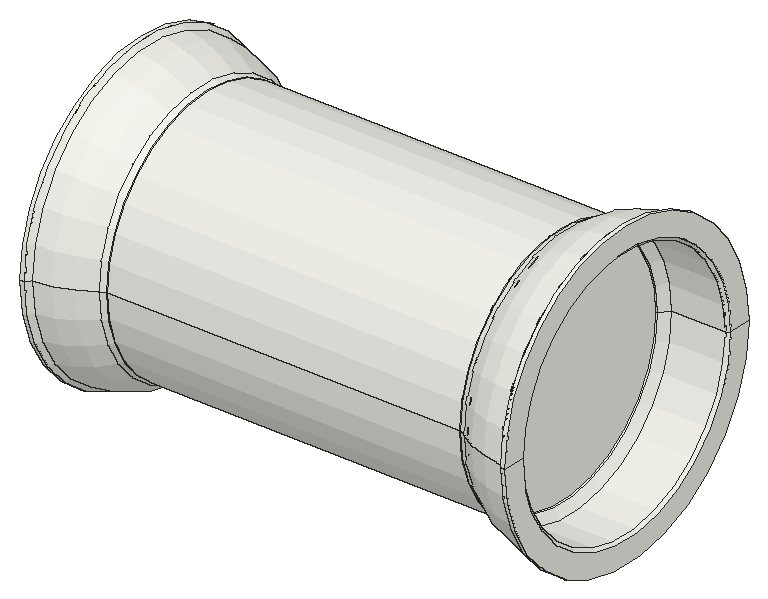
Revit family "FoFo_Luva_JGS", category Pipe Fittings, Revit 2025
Family settings
  Round Connector Dimension = Use Radius
  Part Type = Union
  OmniClass Number = 23.60.30.11.14
  OmniClass Title = Pipework Fittings
  Work Plane-Based = Yes
  Always vertical = No
  Cut with Voids When Loaded = No
  Shared = Yes
Parameters (values of type "TUPB_K7_0400")
  Manufacturer = "SGC"
  Loss Method = 1
  K Coefficient Table = "Tee"
  Junta_1_Tipo = FoFo_Junta_JGS : JGS_0400
  Description = "Luva"
  Default Elevation = 0.0 mm
  DN = "400"
  Corpo_L = 600.0 mm
  Corpo_RE1 = 0.5 * Corpo_DE  # 214.5 mm
  Corpo_DE = 429.0 mm
Reference planes
  plane 1 "EixoP": y = 0
  plane 2: z = 0
  plane 3 "EixoS": x = 468.25
  plane 4 "EE": x = 168.25
  plane 5 "ED": x = 768.25
Forms (mm)
  Sweep 1, solid, material "FOFO"
    path origin (0, 0, 0) x (1, 0, 0) y (0, 1, 0)
      loop
        line (168.25, 0) -> (768.25, 0)
    profile origin (468.25, 0, 0) x (0, 1, 0) y (0, 0, 1)
      loop
        circle (0, 0) r 214.5
Dimensions and locks
  "Corpo_L": plane 4 "EE" to plane 5 "ED"
  equal spacing: plane 4 "EE", plane 3 "EixoS", plane 5 "ED"
  "Corpo_RE1": radius of Sweep 1 sketch curve
  aligned and locked: Sweep 1 sketch curve to plane 1 "EixoP"
  aligned and locked: plane 5 "ED" to Sweep 1 sketch curve
  aligned and locked: plane 4 "EE" to Sweep 1 sketch curve
  aligned and locked: nested 1 to Sweep 1
  aligned and locked: nested 2 to Sweep 1
Automatic sketch dimensions
  Sweep 1 sketch curve to level = 0.0 mm
  Sweep 1 sketch curve to profile plane = 0.0 mm
Nested families
  nested 1: "FoFo_Junta_JGS" at (-1850, 0, 0), type <- "Junta_1_Tipo", type "JGS_0400"
  nested 2: "FoFo_Junta_JGS" at (2786.5, 0, 0) x (-1, 0, 0) z (0, 0, 1), type <- "Junta_1_Tipo", type "JGS_0400"
Connectors
  piping at (768.25, 0, 0), diameter 429, driven by "Corpo_RE1"
    settings: on Sweep 1, index 1, connector inside diameter 24", connector length 0.0 mm, flow factor 0, pipe flow 0 GPM, pressure drop 0.00 psi, fitting loss kfactor 0, connector angle 0.00°, fixture units 0, engagement length 0.0 mm, angle of deflection 0.00°, flow configuration 0, flow direction 0, fitting loss method 0, system type 7, joint type 0, gender type 0, connector reference index -1, connector utility 0, adjustable connector yes, is connector primary yes, connector description ""
  piping at (768.25, 0, 0), diameter 429
    settings: on Sweep 1, index 2, connector inside diameter 24", connector length 0.0 mm, flow factor 0, pipe flow 0 GPM, pressure drop 0.00 psi, fitting loss kfactor 0, connector angle 0.00°, fixture units 0, engagement length 0.0 mm, angle of deflection 0.00°, flow configuration 0, flow direction 0, fitting loss method 0, system type 7, joint type 0, gender type 0, connector reference index -1, connector utility 0, adjustable connector no, is connector primary no, connector description ""
  piping at (168.25, 0, 0), diameter 429, driven by "Corpo_RE1"
    settings: on Sweep 1, index 3, connector inside diameter 24", connector length 0.0 mm, flow factor 0, pipe flow 0 GPM, pressure drop 0.00 psi, fitting loss kfactor 0, connector angle 0.00°, fixture units 0, engagement length 0.0 mm, angle of deflection 0.00°, flow configuration 0, flow direction 0, fitting loss method 0, system type 7, joint type 0, gender type 0, connector reference index -1, connector utility 0, adjustable connector yes, is connector primary no, connector description ""
Definition of nested family "FoFo_Junta_JGS"
  Parameters (values of type "JGS_0080")
    Manufacturer = "SGC"
    Loss Method = 1
    K Coefficient Table = "Tee"
    Description = "Bolsas JGS - JTI - JTE"
    Default Elevation = 0.0 mm
    DN = "80"
    Bolsa_RL = 0.5 * Bolsa_DL  # 40.0 mm
    Bolsa_Material = none
    Bolsa_DL = 80.0 mm
    Bolsa_Borde3 = Bolsa_Borde1 * 1.1  # 7.7 mm
    Bolsa_Borde1 = 7.0 mm
    Bolsa_RI = 0.5 * Bolsa_DI  # 50.5 mm
    Bolsa_RE = 0.5 * Bolsa_DE  # 49.0 mm
    Bolsa_RB = 0.5 * Bolsa_DB  # 84.0 mm
    Bolsa_Borde2 = Bolsa_Borde1 * 2  # 14.0 mm
    Bolsa_P = 92.0 mm
    Bolsa_E2 = 0.5 * Bolsa_E  # 3.0 mm
    Bolsa_E = 6.0 mm
    Bolsa_DI = 101.0 mm
    Bolsa_DE = 98.0 mm
    Bolsa_DB = 168.0 mm
  Types (16, lengths in mm): name | DN | Bolsa_RL | Bolsa_DL | Bolsa_RI | Bolsa_RE | Bolsa_RB | Bolsa_P | Bolsa_DI | Bolsa_DE | Bolsa_DB
    JGS_1200 | "1200" | 600.0 | 1200.0 | 629.0 | 627.5 | 706.0 | 167.0 | 1258.0 | 1255.0 | 1412.0
    JGS_1000 | "1000" | 500.0 | 1000.0 | 525.5 | 524.0 | 595.5 | 157.0 | 1051.0 | 1048.0 | 1191.0
    JGS_0900 | "900" | 450.0 | 900.0 | 474.0 | 472.5 | 541.0 | 147.0 | 948.0 | 945.0 | 1082.0
    JGS_0800 | "800" | 400.0 | 800.0 | 422.5 | 421.0 | 487.0 | 147.0 | 845.0 | 842.0 | 974.0
    JGS_0700 | "700" | 350.0 | 700.0 | 370.5 | 369.0 | 431.5 | 147.0 | 741.0 | 738.0 | 863.0
    JGS_0600 | "600" | 300.0 | 600.0 | 319.0 | 317.5 | 369.5 | 122.0 | 638.0 | 635.0 | 739.0
    JGS_0500 | "500" | 250.0 | 500.0 | 267.5 | 266.0 | 315.0 | 117.0 | 535.0 | 532.0 | 630.0
    JGS_0450 | "450" | 225.0 | 450.0 | 241.5 | 240.0 | 287.5 | 115.0 | 483.0 | 480.0 | 575.0
    JGS_0400 | "400" | 200.0 | 400.0 | 216.0 | 214.5 | 258.5 | 112.0 | 432.0 | 429.0 | 517.0
    JGS_0350 | "350" | 175.0 | 350.0 | 190.5 | 189.0 | 232.5 | 110.0 | 381.0 | 378.0 | 465.0
    JGS_0300 | "300" | 150.0 | 300.0 | 164.5 | 163.0 | 205.0 | 107.0 | 329.0 | 326.0 | 410.0
    JGS_0250 | "250" | 125.0 | 250.0 | 138.5 | 137.0 | 176.5 | 105.0 | 277.0 | 274.0 | 353.0
    JGS_0200 | "200" | 100.0 | 200.0 | 112.5 | 111.0 | 148.0 | 106.0 | 225.0 | 222.0 | 296.0
    JGS_0150 | "150" | 75.0 | 150.0 | 86.5 | 85.0 | 121.5 | 100.0 | 173.0 | 170.0 | 243.0
    JGS_0100 | "100" | 50.0 | 100.0 | 60.5 | 59.0 | 94.5 | 94.0 | 121.0 | 118.0 | 189.0
    JGS_0080 | "80" | 40.0 | 80.0 | 50.5 | 49.0 | 84.0 | 92.0 | 101.0 | 98.0 | 168.0
  Reference planes
    plane 1 "EixoP": y = 0
    plane 2: z = 0
    plane 3 "EixoS": x = 2618.25
    plane 4: x = 2710.25
    plane 5: y = 84
    plane 6: y = 50.5
    plane 7: y = 49
    plane 8: y = 40
  Forms (mm)
    Revolve 1, solid, material <- "Bolsa_Material"
      sketch origin (-3000, 0, 0) x (1, 0, 0) y (0, 1, 0)
        loop
          arc (5696.25, 76.3) -> (5660.983, 69.405) -> (5628.857, 53.304) r 132.75
          line (5628.857, 53.304) -> (5618.25, 49) -> (5618.25, 40.5) -> (5623.25, 40.5) -> (5633.25, 50.5) -> (5705.25, 50.5) -> (5710.25, 55.5) -> (5710.25, 84) -> (5703.25, 84) -> (5696.25, 76.3)
        axis (5618.25, 0) -> (5710.25, 0)
      angle from 0 to 360
  Lines and regions (mm)
    model lines, detail levels coarse
      curve 1: line (2618.25, 0, 0) -> (2648.25, 0, 0)
      curve 2: arc (2698.25, 50, 0) -> (2648.25, 0, 0) -> (2698.25, -50, 0) r 50
  Dimensions and locks
    "Bolsa_Borde1": Revolve 1 sketch curve to Revolve 1 sketch curve
    "Bolsa_Borde2": Revolve 1 sketch curve to Revolve 1 sketch curve
    "Bolsa_Borde3": Revolve 1 sketch curve to Revolve 1 sketch curve
    "Bolsa_P": plane 3 "EixoS" to Revolve 1 sketch curve
    "Bolsa_P": plane 4 to plane 3 "EixoS"
    "Bolsa_RB": plane 5 to plane 1 "EixoP"
    "Bolsa_RI": plane 6 to plane 1 "EixoP"
    "Bolsa_RE": plane 7 to plane 1 "EixoP"
    "Bolsa_RL": plane 8 to plane 1 "EixoP"
    aligned and locked: Revolve 1 sketch curve to plane 1 "EixoP"
    aligned and locked: Revolve 1 sketch curve to plane 5
    aligned and locked: plane 6 to Revolve 1 sketch curve
  Automatic sketch dimensions
    curve 1 to plane 1 "EixoP" = 0.0 mm
    curve 1 to plane 3 "EixoS" = 0.0 mm
    plane 1 "EixoP" to curve 2 = 0.0 mm
    plane 3 "EixoS" to curve 2 = 80.0 mm
    plane 3 "EixoS" to curve 1 = 30.0 mm
    Revolve 1 sketch curve to plane 3 "EixoS" = 0.0 mm  (x2)
    Revolve 1 sketch curve to plane 7 = 0.0 mm
    plane 8 to Revolve 1 sketch curve = 0.5 mm
    plane 3 "EixoS" to Revolve 1 sketch curve = 5.0 mm
    plane 6 to Revolve 1 sketch curve = 2.804 mm
    plane 3 "EixoS" to Revolve 1 sketch curve = 10.607 mm
    Revolve 1 sketch curve to Revolve 1 sketch curve = 4.393 mm
    Revolve 1 sketch curve to plane 4 = 6.397 mm
    Revolve 1 sketch curve to plane 4 = 5.0 mm
    plane 6 to Revolve 1 sketch curve = 5.0 mm
    plane 4 to Revolve 1 sketch curve = 9.153 mm
Types in the file's own list only (16): name | Loss Method | Junta_1_Tipo | DN | Corpo_L | Corpo_RE1 | Corpo_DE
  LUVJGS_0080 | K Coefficient from Table | FoFo_Junta_JGS : JGS_0080 | "80" | 160.0 mm | 49.0 mm | 98.0 mm
  LUVJGS_0100 | K Coefficient from Table | FoFo_Junta_JGS : JGS_0100 | "100" | 160.0 mm | 59.0 mm | 118.0 mm
  LUVJGS_0150 | K Coefficient from Table | FoFo_Junta_JGS : JGS_0150 | "150" | 165.0 mm | 85.0 mm | 170.0 mm
  LUVJGS_0200 | K Coefficient from Table | FoFo_Junta_JGS : JGS_0200 | "200" | 170.0 mm | 111.0 mm | 222.0 mm
  LUVJGS_0250 | K Coefficient from Table | FoFo_Junta_JGS : JGS_0250 | "250" | 175.0 mm | 137.0 mm | 274.0 mm
  LUVJGS_0300 | K Coefficient from Table | FoFo_Junta_JGS : JGS_0300 | "300" | 180.0 mm | 163.0 mm | 326.0 mm
  LUVJGS_0350 | K Coefficient from Table | FoFo_Junta_JGS : JGS_0350 | "350" | 185.0 mm | 189.0 mm | 378.0 mm
  LUVJGS_0400 | K Coefficient from Table | FoFo_Junta_JGS : JGS_0400 | "400" | 190.0 mm | 214.5 mm | 429.0 mm
  LUVJGS_0450 | K Coefficient from Table | FoFo_Junta_JGS : JGS_0450 | "450" | 195.0 mm | 240.0 mm | 480.0 mm
  LUVJGS_0500 | K Coefficient from Table | FoFo_Junta_JGS : JGS_0500 | "500" | 200.0 mm | 266.0 mm | 532.0 mm
  LUVJGS_0600 | K Coefficient from Table | FoFo_Junta_JGS : JGS_0600 | "600" | 210.0 mm | 317.5 mm | 635.0 mm
  LUVJGS_0700 | K Coefficient from Table | FoFo_Junta_JGS : JGS_0700 | "700" | 220.0 mm | 369.0 mm | 738.0 mm
  LUVJGS_0800 | K Coefficient from Table | FoFo_Junta_JGS : JGS_0800 | "800" | 230.0 mm | 421.0 mm | 842.0 mm
  LUVJGS_0900 | K Coefficient from Table | FoFo_Junta_JGS : JGS_0900 | "900" | 240.0 mm | 472.5 mm | 945.0 mm
  LUVJGS_1000 | K Coefficient from Table | FoFo_Junta_JGS : JGS_1000 | "1000" | 250.0 mm | 524.0 mm | 1048.0 mm
  LUVJGS_1200 | K Coefficient from Table | FoFo_Junta_JGS : JGS_1200 | "1200" | 270.0 mm | 627.5 mm | 1255.0 mm
